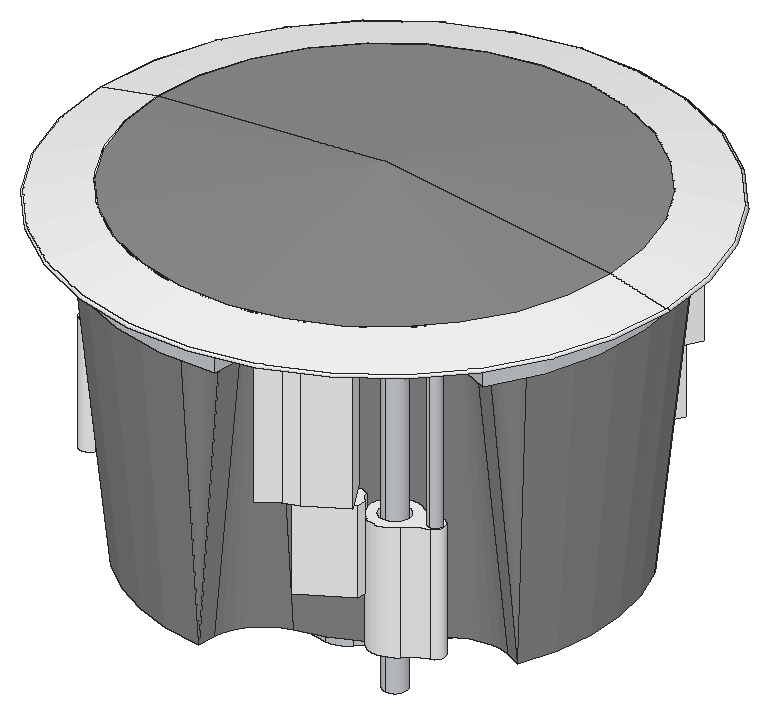
Revit family "FAP33T-W", category Communication Devices, Revit 2014
Parameters (values of type "Two Way, Full Range, Coaxial Ceiling Loudspeaker")
  Width = 8.78"
  Weight Product = 4.14
  Warranty = "5 Year"
  Vertical Symmetry = yes
  URL = "www.atlassound.com"
  Transformer Option = yes
  Specification by User (default) = "TBD"
  Speaker Type = "S1"
  Speaker Listening Height [instance] = 30.00"
  Speaker Height [instance] = 120.00"
  Speaker Dispersion = 135.00°
  Speaker Cone Visible [instance] = no
  Speaker Cone Height [instance] = (Speaker Height - Speaker Listening Height)  # 90.00"
  Sensitivity = 104
  ScheduleType |RF| = "AtlasIED Master"
  Safety Features = "1 Safety Hang Point"
  Safety Agency Ratings = "UL Listed to Comply with UL1480, UL2043 and CSA60065. Suitable for Use in Air Handling Spaces per NFPA 70 and NFPA 90."
  SPL Max = 104
  Regulatory Compliance = "UL Listed to Comply with UL1480, UL2043 and CSA60065. Suitable for Use in Air Handling Spaces per NFPA 70 and NFPA 90"
  Radius of Speaker Cone [instance] = (Speaker Cone Height) * tan(Speaker Dispersion / 2)  # 217.27922"
  Product Page URL = "https://www.atlasied.com/FAP33T-W"
  Product Documentation Link = "https://www.atlasied.com/f/3708/fap33t-w-datasheet.pdf"
  Power Rating (RMS) = "103 dB SPL / 108 dB SPL (peak 8Ω)"
  Operation Mode = "Non-Powered Passive"
  OmniClass Title = "SPEAKERS"
  OmniClass Number = "23-37 17 13 19"
  Mounting/Rigging Provisions = "Patented Safety First Mounting System"
  Mount Material = QF_Plastic-White-Smooth
  Model = "FAP33T-W"
  Max Input Ratings (8Ω) = "25W Continuous, 50W Program 12.5 Volts RMS, 21.2 Volts Peak"
  MaterFormat Title = "SPEAKERS"
  MasterFormat = "27 41 13"
  Market = "Commercial, Higher Education, Emergency"
  Manufacturer URL = "https://www.atlasied.com"
  Manufacturer Phone = "(800) 876 - 3333"
  Manufacturer Email = "support@atlasied.com"
  Manufacturer Address = "4545 E. Baseline Rd., Phoenix, AZ 85042"
  Manufacturer = "ATLAS SOUND"
  Input Connectors = "4-Position PHX Type Connector"
  Ingress Protection = "IP-21"
  Impedance = 6
  IQ Category = "SPEAKERS"
  Height = 5.39452"
  Grill Material = QF_Wall Paint-Gray
  Frequency Response  = "85Hz - 12kHz"
  Family Version [instance] = "2017-01"
  Family Code (default) = "LOUD SPEAKERS"
  Environmental Testing = "Humidity: MIL-STD-810G / High and Low Temperature: -20° and 70° C"
  Enclosure Material = none
  Dispersion Angle = 57.00°
  Description = "3\" FULL RANGE IN-CEILING LOUDSPEAKER WITH 16-WATT 70V/100V TRANSFORMER, PORTED ENCLOSURE, AND SAFETY FIRST MOUNTING SYSTEM"
  Depth = 8.78"
  Coverage Vertical = 0.00°
  Coverage Horizontal = 110.00°
  Cost MSRP = 101.99
  Cost = 101.99
  Controls = "Front Mounted Tap Selector Switch"
  Communication Ports = "4-Position PHX Type Connector"
  Color = none
  Body Material = QF_Wall Paint-Gray
  Baffle Material = none
  70V Taps = "16, 8, 4, 2 Watts & 6Ω"
  100V Taps = "16W, 8W, 4W & 6Ω"
Reference planes (in)
  plane 1 "Center (Front/Back)": y = 0
  plane 2: z = 0
  plane 3 "Center (Left/Right)": x = 0
  plane 4: x = 3.995
  plane 5: x = -3.995
  plane 6: z = 0.55153
  plane 7: x = 4.39
  plane 8: x = -4.39
  plane 9: y = 4.39
  plane 10: y = -4.39
  plane 11: x = 3.6
  plane 12: x = -3.6
  plane 13: z = -5.39
Forms (in)
  Revolve 1, solid, material "QF_Plastic-White-Smooth" <- "Mount Material"
    sketch origin (0, 0, 0) x (1, 0, 0) y (0, 0, 1)
      loop
        line (-4.39, 0) -> (0, 0) -> (0, 0.21227) -> (-3.50069, 0.21227)
        arc (-3.50069, 0.21227) -> (-3.9324, 0.12916) -> (-4.36241, 0.03769) r 22.63754
        arc (-4.36241, 0.03769) -> (-4.3833, 0.02404) -> (-4.39, 0) r 0.03543
      axis (0, 0.21227) -> (0, 0)
    angle from 0 to 360
  Revolve 2, solid, material "QF_Wall Paint-Gray" <- "Grill Material"
    sketch origin (0, 0, 0) x (1, 0, 0) y (0, 0, 1)
      loop
        line (0, 0.21227) -> (0, 0.55118)
        arc (0, 0.55118) -> (-1.75854, 0.46631) -> (-3.50069, 0.21227) r 18.23624
        line (-3.50069, 0.21227) -> (0, 0.21227)
      axis (0, 0.55118) -> (0, 0.21227)
    angle from 0 to 360
  Extrusion 3, solid
    sketch origin (0, 0, 0) x (0, 1, 0) y (1, 0, 0)
      loop
        line (3.85961, 0.24912) -> (3.08876, 0.36022)
        arc (3.08876, 0.36022) -> (2.9726, 0.417) -> (2.91148, 0.53094) r 0.21065
        arc (2.91148, 0.53094) -> (2.61305, 1.38922) -> (2.06819, 2.11642) r 2.9581
        arc (2.06819, 2.11642) -> (2.00847, 2.23123) -> (2.02687, 2.35933) r 0.21137
        line (2.02687, 2.35933) -> (2.38402, 3.09159)
        arc (2.38402, 3.09159) -> (0.139, 3.90156) -> (-2.15797, 3.25341) r 3.90404
        line (-2.15797, 3.25341) -> (-1.85139, 2.48796)
        arc (-1.85139, 2.48796) -> (-1.84334, 2.36263) -> (-1.91106, 2.25686) r 0.20156
        arc (-1.91106, 2.25686) -> (-2.50642, 1.56894) -> (-2.86457, 0.73264) r 2.9581
        arc (-2.86457, 0.73264) -> (-2.93212, 0.61929) -> (-3.05408, 0.56893) r 0.20915
        line (-3.05408, 0.56893) -> (-3.91357, 0.50814)
        arc (-3.91357, 0.50814) -> (-3.48348, -1.85479) -> (-1.76355, -3.53117) r 3.94779
        line (-1.76355, -3.53117) -> (-1.23145, -2.85434)
        arc (-1.23145, -2.85434) -> (-1.12237, -2.78437) -> (-0.99279, -2.78591) r 0.22577
        arc (-0.99279, -2.78591) -> (-0.10123, -2.9562) -> (0.8, -2.84814) r 2.9581
        arc (0.8, -2.84814) -> (0.93005, -2.85306) -> (1.03285, -2.93289) r 0.21251
        line (1.03285, -2.93289) -> (1.462, -3.56112)
        arc (1.462, -3.56112) -> (3.27801, -2.04437) -> (3.85961, 0.24912) r 3.83858
    from 0 to 0.48766
  Extrusion 4, solid
    sketch origin (0.00104, 0.00249, -4.76) x (0.833837, -0.552011, 0) y (-0.552011, -0.833837, 0)
      loop
        arc (0.26326, -1.77144) -> (0.86528, -1.79885) -> (1.31036, -1.39252) r 0.7874
        line (1.31036, -1.39252) -> (1.92869, -0.07289)
        arc (1.92869, -0.07289) -> (1.95575, 0.5288) -> (1.54963, 0.97359) r 0.7874
        line (1.54963, 0.97359) -> (0.89354, 1.28101) -> (0.40075, 0.22932)
        arc (0.40075, 0.22932) -> (0.18155, -0.05927) -> (0.10007, -0.41239) r 0.86345
        line (0.10007, -0.41239) -> (-0.05027, -0.73324)
        arc (-0.05027, -0.73324) -> (-0.16154, -0.83482) -> (-0.31205, -0.82797) r 0.19685
        line (-0.31205, -0.82797) -> (-0.40474, -0.78454) -> (-0.58014, -1.15887)
        arc (-0.58014, -1.15887) -> (-0.58699, -1.30938) -> (-0.48541, -1.42065) r 0.19685
        line (-0.48541, -1.42065) -> (0.26326, -1.77144)
    from 0 to 0.13
  Extrusion 5, solid
    sketch origin (0.00104, 0.00249, -4.89) x (0.552011, 0.833837, 0) y (0.833837, -0.552011, 0)
      loop
        arc (1.55031, 0.01928) -> (1.57211, 0.11421) -> (1.52381, 0.19878) r 0.13386
        line (1.52381, 0.19878) -> (1.31739, 1.59684) -> (1.44125, 1.61513) -> (1.39525, 1.92671) -> (1.27138, 1.90842) -> (1.25413, 2.02526)
        arc (1.25413, 2.02526) -> (1.20771, 2.10283) -> (1.12004, 2.12485) r 0.11811
        line (1.12004, 2.12485) -> (-0.97437, 1.81562)
        arc (-0.97437, 1.81562) -> (-1.13966, 1.75073) -> (-1.25963, 1.61981) r 0.3937
        arc (-1.25963, 1.61981) -> (-1.39893, 1.34152) -> (-1.50963, 1.05067) r 3.10039
        arc (-1.50963, 1.05067) -> (-1.53484, 0.86066) -> (-1.36217, 0.77745) r 0.16339
        arc (-1.36217, 0.77745) -> (-1.41682, 0.4909) -> (-1.44223, 0.2003) r 2.88386
        arc (-1.44223, 0.2003) -> (-1.403, 0.10799) -> (-1.30695, 0.07913) r 0.11811
        line (-1.30695, 0.07913) -> (-1.03143, 0.11981)
        arc (-1.03143, 0.11981) -> (-0.94376, 0.09778) -> (-0.89734, 0.02021) r 0.11811
        line (-0.89734, 0.02021) -> (-0.86513, -0.19789)
        arc (-0.86513, -0.19789) -> (-0.78776, -0.32717) -> (-0.64164, -0.36388) r 0.19685
        line (-0.64164, -0.36388) -> (-0.29111, -0.31213)
        arc (-0.29111, -0.31213) -> (0.04831, -0.18513) -> (0.40995, -0.20861) r 0.86345
        line (0.40995, -0.20861) -> (1.55891, -0.03897) -> (1.55031, 0.01928)
    from 0 to 0.13
  Extrusion 6, solid
    sketch origin (0.00104, 0.00249, -4.89) x (0.552011, 0.833837, 0) y (0.833837, -0.552011, 0)
      loop
        arc (0.20285, -1.15237) -> (0.40411, -1.05602) -> (0.52648, -0.86943) r 0.41535
        line (0.52648, -0.86943) -> (0.73805, -0.83212) -> (0.72438, -0.75458) -> (0.43755, -0.80516)
        arc (0.43755, -0.80516) -> (0.18508, -1.05156) -> (-0.13644, -0.90637) r 0.31299
        line (-0.13644, -0.90637) -> (-0.42327, -0.95694) -> (-0.4096, -1.03449) -> (-0.19802, -0.99718)
        arc (-0.19802, -0.99718) -> (-0.01922, -1.13067) -> (0.20285, -1.15237) r 0.41535
      loop
        line (0.71388, -0.59288) -> (0.70707, -0.5541) -> (-0.4756, -0.76193) -> (-0.46878, -0.8007) -> (0.71388, -0.59288)
    from 0 to 0.50452
  SweptBlend 7, solid, material "QF_Wall Paint-Gray" <- "Body Material"
    path origin (0, 0, 0) x (1, 0, 0) y (0, 0, 1)
      loop
        line (0, -0.48766) -> (0, -4.76)
    profile origin (0, 0, -0.48766) x (0, -1, 0) y (1, 0, 0)
      loop
        arc (-1.86003, 2.12403) -> (-2.49452, 1.32293) -> (-2.80215, 0.3484) r 2.82233
        arc (-2.80215, 0.3484) -> (-2.89046, 0.1352) -> (-3.10366, 0.04689) r 0.30151
        line (-3.10366, 0.04689) -> (-3.54376, -0.01496)
        arc (-3.54376, -0.01496) -> (-3.71831, -0.15368) -> (-3.7701, -0.37055) r 0.34159
        arc (-3.7701, -0.37055) -> (-3.21286, -2.00663) -> (-1.98664, -3.22468) r 3.78689
        arc (-1.98664, -3.22468) -> (-1.74171, -3.26703) -> (-1.53517, -3.12872) r 0.33454
        line (-1.53517, -3.12872) -> (-1.31729, -2.8103)
        arc (-1.31729, -2.8103) -> (-1.13806, -2.67161) -> (-0.91144, -2.67146) r 0.35074
        arc (-0.91144, -2.67146) -> (0.0971, -2.82048) -> (1.09279, -2.60147) r 2.82233
        arc (1.09279, -2.60147) -> (1.31937, -2.5852) -> (1.50924, -2.7099) r 0.35421
        line (1.50924, -2.7099) -> (1.74553, -3.01235)
        arc (1.74553, -3.01235) -> (1.96148, -3.13751) -> (2.20397, -3.07834) r 0.33453
        arc (2.20397, -3.07834) -> (3.34223, -1.77772) -> (3.78399, -0.10675) r 3.78689
        arc (3.78399, -0.10675) -> (3.69745, 0.12736) -> (3.47293, 0.23641) r 0.33453
        line (3.47293, 0.23641) -> (3.09005, 0.26318)
        arc (3.09005, 0.26318) -> (2.88049, 0.35085) -> (2.76729, 0.54779) r 0.35421
        arc (2.76729, 0.54779) -> (2.39207, 1.49573) -> (1.70456, 2.24851) r 2.82233
        arc (1.70456, 2.24851) -> (1.5765, 2.43904) -> (1.59214, 2.66807) r 0.35426
        line (1.59214, 2.66807) -> (1.73402, 3.01924)
        arc (1.73402, 3.01924) -> (1.73444, 3.26884) -> (1.56195, 3.44925) r 0.33453
        arc (1.56195, 3.44925) -> (-0.13355, 3.78471) -> (-1.80153, 3.3318) r 3.78689
        arc (-1.80153, 3.3318) -> (-1.96067, 3.14085) -> (-1.94416, 2.89283) r 0.33454
        line (-1.94416, 2.89283) -> (-1.77734, 2.54493)
        arc (-1.77734, 2.54493) -> (-1.74684, 2.32037) -> (-1.86003, 2.12403) r 0.35074
    end profile origin (0, 0, -4.76) x (0, -1, 0) y (1, 0, 0)
      loop
        arc (-3.3096, -0.43648) -> (-2.83104, -1.76848) -> (-1.8434, -2.7823) r 3.33689
        line (-1.8434, -2.7823) -> (-1.69037, -2.55867)
        arc (-1.69037, -2.55867) -> (-1.28156, -2.2451) -> (-0.76634, -2.24549) r 0.80074
        arc (-0.76634, -2.24549) -> (0.0814, -2.37076) -> (0.91833, -2.18666) r 2.37233
        arc (0.91833, -2.18666) -> (1.43276, -2.14972) -> (1.86384, -2.43286) r 0.80421
        line (1.86384, -2.43286) -> (2.03082, -2.64657)
        arc (2.03082, -2.64657) -> (2.94491, -1.56645) -> (3.32921, -0.20464) r 3.33689
        line (3.32921, -0.20464) -> (3.05866, -0.18572)
        arc (3.05866, -0.18572) -> (2.58287, 0.01333) -> (2.32584, 0.46047) r 0.80421
        arc (2.32584, 0.46047) -> (2.01045, 1.25726) -> (1.43256, 1.89002) r 2.37233
        arc (1.43256, 1.89002) -> (1.14233, 2.32072) -> (1.17586, 2.839) r 0.80426
        line (1.17586, 2.839) -> (1.27461, 3.08341)
        arc (1.27461, 3.08341) -> (-0.11823, 3.33497) -> (-1.49004, 2.98655) r 3.33689
        line (-1.49004, 2.98655) -> (-1.37288, 2.74222)
        arc (-1.37288, 2.74222) -> (-1.30573, 2.23139) -> (-1.56368, 1.78539) r 0.80074
        arc (-1.56368, 1.78539) -> (-2.0922, 1.12105) -> (-2.35297, 0.31317) r 2.37233
        arc (-2.35297, 0.31317) -> (-2.57111, -0.18185) -> (-3.06518, -0.40212) r 0.75151
        line (-3.06518, -0.40212) -> (-3.3096, -0.43648)
  Extrusion 8, solid, material "QF_Plastic-White-Smooth"
    sketch origin (0, 0, 0) x (0, 1, 0) y (1, 0, 0)
      loop
        line (2.72516, 2.75657) -> (2.24545, 2.50151) -> (2.40623, 2.19912) -> (2.49628, 1.97946) -> (2.81098, 1.38759) -> (3.35179, 1.62838) -> (3.0177, 2.2567) -> (2.88595, 2.45418) -> (2.72516, 2.75657)
      loop
        line (-3.74765, 0.98075) -> (-3.2869, 0.69284) -> (-3.10541, 0.98328) -> (-2.9602, 1.17109) -> (-2.62528, 1.70708) -> (-3.12686, 2.0188) -> (-3.46102, 1.48403) -> (-3.56616, 1.27119) -> (-3.74765, 0.98075)
      loop
        line (0.70336, -3.18203) -> (0.4681, -3.15018) -> (-0.16354, -3.12812) -> (-0.18271, -3.71836) -> (0.44749, -3.74037) -> (0.6844, -3.72501) -> (1.02667, -3.73696) -> (1.04563, -3.19398) -> (0.70336, -3.18203)
    from 0 to 2.17563
  Extrusion 9, solid, material "QF_Plastic-White-Smooth"
    sketch origin (0, 0, 0) x (0, 1, 0) y (1, 0, 0)
      loop
        arc (-0.97109, -3.24058) -> (-1.08131, -3.37831) -> (-1.22729, -3.47733) r 0.59055
        arc (-1.22729, -3.47733) -> (-1.30368, -3.66455) -> (-1.12468, -3.7586) r 0.15039
        arc (-1.12468, -3.7586) -> (-0.94923, -3.74036) -> (-0.77621, -3.77476) r 0.59055
        arc (-0.77621, -3.77476) -> (-0.30247, -3.2993) -> (-0.97109, -3.24058) r 0.37047
      loop
        circle (-0.65051, -3.42627) r 0.22047
      loop
        arc (3.297, 0.77829) -> (3.47159, 0.75303) -> (3.63092, 0.67734) r 0.59055
        arc (3.63092, 0.67734) -> (3.83103, 0.70633) -> (3.82143, 0.9083) r 0.15039
        arc (3.82143, 0.9083) -> (3.71682, 1.05033) -> (3.65883, 1.21693) r 0.59055
        arc (3.65883, 1.21693) -> (3.0089, 1.38449) -> (3.297, 0.77829) r 0.37047
      loop
        circle (3.29468, 1.14875) r 0.22047
      loop
        arc (-2.32977, 2.48039) -> (-2.38311, 2.63349) -> (-2.39665, 2.79505) r 0.64602
        arc (-2.39665, 2.79505) -> (-2.51741, 2.96225) -> (-2.69151, 2.85168) r 0.15039
        arc (-2.69151, 2.85168) -> (-2.76348, 2.69231) -> (-2.87895, 2.56099) r 0.59079
        arc (-2.87895, 2.56099) -> (-2.69379, 1.91134) -> (-2.32977, 2.48039) r 0.37047
      loop
        circle (-2.63999, 2.27788) r 0.22047
    from 2.36611 to 4.15354
  Extrusion 10, solid
    sketch origin (0, 0, 0) x (0, 1, 0) y (1, 0, 0)
      loop
        circle (-0.65051, -3.42627) r 0.17
      loop
        circle (3.29468, 1.14875) r 0.17
      loop
        circle (-2.63999, 2.27788) r 0.17
    from 0 to 4.76
  Extrusion 11, solid, material "QF_Plastic-White-Smooth"
    sketch origin (0, 0, -2.17563) x (-1, 0, 0) y (0, 1, 0)
      loop
        line (-2.13643, 2.5372) -> (-1.42953, 2.91307) -> (-1.41438, 3.03644)
        arc (-1.41438, 3.03644) -> (-1.47586, 3.12076) -> (-1.51139, 3.21888) r 0.37047
        line (-1.51139, 3.21888) -> (-1.62083, 3.27465) -> (-2.32866, 2.89874) -> (-2.13643, 2.5372)
      loop
        line (-2.18567, 2.85482) -> (-2.09325, 2.68101) -> (-1.91944, 2.77343) -> (-2.01186, 2.94724) -> (-2.18567, 2.85482)
      loop
        line (-1.86383, 2.803) -> (-1.65525, 2.9139) -> (-1.74767, 3.08771) -> (-1.95624, 2.97681) -> (-1.86383, 2.803)
      loop
        line (-1.37849, -3.31806) -> (-1.27417, -3.15112) -> (-1.44111, -3.0468) -> (-1.54543, -3.21374) -> (-1.37849, -3.31806)
      loop
        line (-1.49453, -3.01342) -> (-1.69486, -2.88825) -> (-1.79917, -3.05519) -> (-1.59885, -3.18036) -> (-1.49453, -3.01342)
      loop
        line (3.36706, 0.47429) -> (3.36019, 0.27756) -> (3.55692, 0.27069) -> (3.56379, 0.46742) -> (3.36706, 0.47429)
      loop
        line (3.35799, 0.2146) -> (3.34975, -0.02147) -> (3.54648, -0.02834) -> (3.55472, 0.20773) -> (3.35799, 0.2146)
      loop
        line (3.26524, 0.58355) -> (3.23564, -0.21615) -> (3.33543, -0.29135)
        arc (3.33543, -0.29135) -> (3.4392, -0.28026) -> (3.54194, -0.29856) r 0.37047
        line (3.54194, -0.29856) -> (3.64535, -0.2314) -> (3.67331, 0.5693) -> (3.26524, 0.58355)
      loop
        line (-1.12804, -3.11661) -> (-1.80701, -2.69234) -> (-1.92142, -2.74091)
        arc (-1.92142, -2.74091) -> (-1.9637, -2.83632) -> (-2.03092, -2.91614) r 0.37047
        line (-2.03092, -2.91614) -> (-2.02446, -3.03928) -> (-1.34502, -3.46384) -> (-1.12804, -3.11661)
    from 0 to 1.26922
  Extrusion 12, solid
    sketch origin (0, 0, 0) x (0, 1, 0) y (1, 0, 0)
      loop
        circle (3.71235, 0.79882) r 0.10119
      loop
        circle (-1.16239, -3.61301) r 0.10119
      loop
        circle (-2.54577, 2.81456) r 0.10119
    from 0 to 4
  Blend 13, solid, material "Glass", visible <- "Speaker Cone Visible"
    base sketch origin (0, 0, 0) x (1, 0, 0) y (0, 1, 0)
      loop
        circle (0, 0.09521) r 217.27922
    top sketch origin (0, 0, 0) x (1, 0, 0) y (0, 1, 0)
      loop
        circle (0, 0.09521) r 0.13513
    from 90 <- "Speaker Cone Height" to 0
Lines and regions (in)
  symbolic lines
    curve 1: circle (0, 0, 0) r 4.39 normal (0, 0, 1)
    curve 2: circle (0, 0, 0) r 3.50069 normal (0, 0, 1)
  symbolic lines, style "Sound Projection Average", visible <- "Speaker Cone Visible"
    curve 3: circle (0, 0.09521, 0) r 217.27922 normal (0, 0, 1)
Dimensions and locks (in)
  plane 6 to plane 2 = 0.55153"
  "Height": plane 2 to Extrusion 6
  "Depth": plane 9 to plane 10
  "Width": plane 8 to plane 7
  "Radius of Speaker Cone": radius of Blend 13 sketch curve
  aligned and locked: plane 2 to level
Automatic sketch dimensions
  Revolve 1 sketch curve to level = 0.00"
  plane 8 to Revolve 1 sketch curve = 0.00"
  Revolve 1 sketch curve to plane 3 "Center (Left/Right)" = 0.00"  (x2)
  level to Revolve 1 sketch curve = 0.00311"
  Revolve 1 sketch curve to plane 8 = 0.0353"
  Revolve 1 sketch curve to plane 12 = 0.09931"
  plane 3 "Center (Left/Right)" to Revolve 1 sketch curve = 0.56235"
  Revolve 1 sketch curve to plane 13 = 16.66766"
  level to Revolve 1 sketch curve = 0.21227"
  Revolve 1 sketch curve to plane 6 = 2.31042"
  Revolve 1 sketch curve to Revolve 1 sketch curve = 0.25"
  Revolve 2 sketch curve to plane 3 "Center (Left/Right)" = 0.00"  (x2)
  Revolve 2 sketch curve to plane 3 "Center (Left/Right)" = 0.00124"
  Revolve 2 sketch curve to plane 12 = 0.09931"
  Revolve 2 sketch curve to plane 13 = 12.29506"
  level to Revolve 2 sketch curve = 0.21227"
  Revolve 2 sketch curve to plane 6 = 2.31042"
  Revolve 2 sketch curve to Revolve 2 sketch curve = 0.25"
  Extrusion 3 sketch curve to Extrusion 3 sketch curve = 0.00"  (x13)
  Extrusion 3 sketch curve to Revolve 1 = 1.06014"
  Extrusion 3 sketch curve to Extrusion 3 sketch curve = 0.17131"
  Extrusion 3 sketch curve to Extrusion 3 sketch curve = 0.5321"
  Extrusion 3 sketch curve to Revolve 1 = 1.85139"
  Extrusion 3 sketch curve to Extrusion 3 sketch curve = 0.18711"
  Extrusion 3 sketch curve to Extrusion 3 sketch curve = 0.30658"
  Extrusion 3 sketch curve to Extrusion 3 sketch curve = 1.01559"
  Extrusion 3 sketch curve to Extrusion 3 sketch curve = 0.01476"
  Extrusion 3 sketch curve to Extrusion 3 sketch curve = 0.85949"
  Revolve 1 to Extrusion 3 sketch curve = 0.00139"
  Extrusion 3 sketch curve to Extrusion 3 sketch curve = 0.02773"
  Revolve 1 to Extrusion 3 sketch curve = 0.85737"
  Extrusion 3 sketch curve to Extrusion 3 sketch curve = 0.17548"
  Extrusion 3 sketch curve to Extrusion 3 sketch curve = 0.42915"
  Revolve 1 to Extrusion 3 sketch curve = 2.02687"
  Extrusion 3 sketch curve to Extrusion 3 sketch curve = 0.18998"
  Extrusion 3 sketch curve to Extrusion 3 sketch curve = 0.35715"
  Extrusion 3 sketch curve to Extrusion 3 sketch curve = 0.90186"
  Extrusion 3 sketch curve to Extrusion 3 sketch curve = 0.7409"
  Extrusion 3 sketch curve to Extrusion 3 sketch curve = 0.76545"
  Extrusion 3 sketch curve to Extrusion 3 sketch curve = 0.07494"
  Extrusion 3 sketch curve to Extrusion 3 sketch curve = 0.73226"
  Extrusion 3 sketch curve to Extrusion 3 sketch curve = 0.09266"
  Extrusion 3 sketch curve to Extrusion 3 sketch curve = 1.63546"
  Extrusion 3 sketch curve to Extrusion 3 sketch curve = 0.20862"
  Extrusion 3 sketch curve to Extrusion 3 sketch curve = 1.69794"
  Extrusion 3 sketch curve to Extrusion 3 sketch curve = 0.06079"
  Extrusion 3 sketch curve to Extrusion 3 sketch curve = 0.31961"
  Extrusion 3 sketch curve to Extrusion 3 sketch curve = 0.00012"  (x2)
  Extrusion 3 sketch curve to Extrusion 3 sketch curve = 0.67683"
  Extrusion 3 sketch curve to Extrusion 3 sketch curve = 0.62823"
  Extrusion 3 sketch curve to Extrusion 3 sketch curve = 0.14706"
  Extrusion 3 sketch curve to Extrusion 3 sketch curve = 0.11987"
  Extrusion 3 sketch curve to Extrusion 3 sketch curve = 0.06735"
  Extrusion 3 sketch curve to Extrusion 3 sketch curve = 0.12743"
  Extrusion 3 sketch curve to Extrusion 3 sketch curve = 0.14866"
  Extrusion 3 sketch curve to Extrusion 3 sketch curve = 0.03"
  Extrusion 3 sketch curve to Extrusion 3 sketch curve = 0.00005"
  Extrusion 3 sketch curve to Extrusion 3 sketch curve = 0.00038"
  Extrusion 4 sketch curve to SweptBlend 7 = 0.03862"
  Extrusion 4 sketch curve to SweptBlend 7 = 0.3065"
  Extrusion 4 sketch curve to Extrusion 4 sketch curve = 0.09473"
  Extrusion 4 sketch curve to Extrusion 4 sketch curve = 0.1754"
  Extrusion 4 sketch curve to Extrusion 4 sketch curve = 0.08352"  (x3)
  Extrusion 4 sketch curve to Extrusion 4 sketch curve = 0.09269"
  Extrusion 4 sketch curve to Extrusion 4 sketch curve = 0.32859"
  Extrusion 4 sketch curve to Extrusion 4 sketch curve = 0.30068"
  Extrusion 4 sketch curve to Extrusion 4 sketch curve = 0.49728"
  Extrusion 4 sketch curve to Extrusion 4 sketch curve = 0.49279"
  Extrusion 4 sketch curve to Extrusion 4 sketch curve = 0.36608"
  Extrusion 4 sketch curve to Extrusion 4 sketch curve = 0.25199"
  Extrusion 4 sketch curve to Extrusion 4 sketch curve = 0.71301"
  Extrusion 4 sketch curve to Extrusion 4 sketch curve = 0.6561"
  Extrusion 4 sketch curve to Extrusion 4 sketch curve = 0.71327"
  Extrusion 4 sketch curve to Extrusion 4 sketch curve = 0.10044"
  Extrusion 4 sketch curve to Extrusion 4 sketch curve = 0.3309"
  Extrusion 4 sketch curve to Extrusion 4 sketch curve = 0.04343"
  Extrusion 4 sketch curve to Extrusion 4 sketch curve = 0.17825"  (x2)
  Extrusion 4 sketch curve to Extrusion 4 sketch curve = 0.63281"
  Extrusion 4 sketch curve to Extrusion 4 sketch curve = 0.23733"
  Extrusion 4 sketch curve to Extrusion 4 sketch curve = 0.35273"
  Extrusion 4 sketch curve to Extrusion 4 sketch curve = 0.68626"
  Extrusion 4 sketch curve to Extrusion 4 sketch curve = 0.30742"
  Extrusion 4 sketch curve to Extrusion 4 sketch curve = 0.33409"  (x2)
  Extrusion 4 sketch curve to Extrusion 4 sketch curve = 0.00"  (x4)
  Extrusion 5 sketch curve to Extrusion 5 sketch curve = 0.00"  (x16)
  Extrusion 5 sketch curve to Extrusion 4 = 0.0062"
  Extrusion 5 sketch curve to Extrusion 4 = 0.11862"
  Extrusion 5 sketch curve to Extrusion 5 sketch curve = 0.06685"
  Extrusion 5 sketch curve to Extrusion 5 sketch curve = 0.01725"  (x4)
  Extrusion 5 sketch curve to Extrusion 5 sketch curve = 0.27552"
  Extrusion 5 sketch curve to Extrusion 5 sketch curve = 0.4742"
  Extrusion 5 sketch curve to Extrusion 5 sketch curve = 0.11684"  (x3)
  Extrusion 5 sketch curve to Extrusion 5 sketch curve = 0.0322"
  Extrusion 5 sketch curve to Extrusion 5 sketch curve = 0.19474"
  Extrusion 5 sketch curve to Extrusion 5 sketch curve = 0.37928"
  Extrusion 5 sketch curve to Extrusion 5 sketch curve = 0.46554"
  Extrusion 5 sketch curve to Extrusion 5 sketch curve = 0.70106"
  Extrusion 5 sketch curve to Extrusion 5 sketch curve = 2.05415"
  Extrusion 5 sketch curve to Extrusion 5 sketch curve = 0.1341"
  Extrusion 5 sketch curve to Extrusion 5 sketch curve = 0.046"
  Extrusion 5 sketch curve to Extrusion 5 sketch curve = 0.12386"  (x2)
  Extrusion 5 sketch curve to Extrusion 5 sketch curve = 1.02974"
  Extrusion 5 sketch curve to Extrusion 5 sketch curve = 0.08412"
  Extrusion 5 sketch curve to Extrusion 5 sketch curve = 0.11062"
  Extrusion 5 sketch curve to Extrusion 5 sketch curve = 0.0086"
  Extrusion 5 sketch curve to Extrusion 5 sketch curve = 0.48788"
  Extrusion 5 sketch curve to Extrusion 5 sketch curve = 0.1707"
  Extrusion 5 sketch curve to Extrusion 5 sketch curve = 0.01829"  (x2)
  Extrusion 5 sketch curve to Extrusion 5 sketch curve = 0.31158"
  Extrusion 5 sketch curve to Extrusion 5 sketch curve = 0.09959"  (x2)
  Extrusion 5 sketch curve to Extrusion 5 sketch curve = 1.39806"
  Extrusion 5 sketch curve to Extrusion 5 sketch curve = 0.74229"
  Extrusion 5 sketch curve to Extrusion 5 sketch curve = 0.07616"
  Extrusion 5 sketch curve to Extrusion 5 sketch curve = 0.10413"
  Extrusion 5 sketch curve to Extrusion 5 sketch curve = 0.05825"
  Extrusion 5 sketch curve to Extrusion 5 sketch curve = 0.18935"
  Extrusion 5 sketch curve to Extrusion 5 sketch curve = 0.02875"  (x2)
  Extrusion 5 sketch curve to Extrusion 5 sketch curve = 0.30327"
  Extrusion 5 sketch curve to Extrusion 5 sketch curve = 0.14298"
  Extrusion 5 sketch curve to Extrusion 5 sketch curve = 0.11857"
  Extrusion 5 sketch curve to Extrusion 5 sketch curve = 0.02888"
  Extrusion 5 sketch curve to Extrusion 5 sketch curve = 0.28526"
  Extrusion 6 sketch curve to Extrusion 6 sketch curve = 0.00"  (x6)
  Extrusion 6 sketch curve to Extrusion 4 = 0.98953"
  Extrusion 6 sketch curve to Extrusion 4 = 0.85812"
  Extrusion 6 sketch curve to Extrusion 6 sketch curve = 0.00681"  (x2)
  Extrusion 6 sketch curve to Extrusion 6 sketch curve = 0.04551"
  Extrusion 6 sketch curve to Extrusion 6 sketch curve = 0.01367"  (x2)
  Extrusion 6 sketch curve to Extrusion 6 sketch curve = 0.21158"
  Extrusion 6 sketch curve to Extrusion 6 sketch curve = 0.06158"
  Extrusion 6 sketch curve to Extrusion 6 sketch curve = 0.26717"
  Extrusion 6 sketch curve to Extrusion 6 sketch curve = 0.30682"
  Extrusion 6 sketch curve to Extrusion 6 sketch curve = 0.08892"
  Extrusion 6 sketch curve to Extrusion 6 sketch curve = 0.1806"
  Extrusion 6 sketch curve to Extrusion 6 sketch curve = 0.01049"
  Extrusion 6 sketch curve to Extrusion 6 sketch curve = 0.00735"
  Extrusion 6 sketch curve to Extrusion 6 sketch curve = 0.01126"
  Extrusion 6 sketch curve to Extrusion 6 sketch curve = 0.1617"
  Extrusion 6 sketch curve to Extrusion 6 sketch curve = 0.05058"
  Extrusion 6 sketch curve to Extrusion 6 sketch curve = 0.07754"
  Extrusion 6 sketch curve to Extrusion 6 sketch curve = 0.06428"
  Extrusion 6 sketch curve to Extrusion 6 sketch curve = 0.15624"
  Extrusion 6 sketch curve to Extrusion 6 sketch curve = 0.07213"
  SweptBlend 7 sketch curve to plane 3 "Center (Left/Right)" = 0.00"
  plane 13 to SweptBlend 7 sketch curve = 0.63"
  SweptBlend 7 sketch curve to level = 0.48766"
  SweptBlend 7 sketch curve to SweptBlend 7 sketch curve = 0.00"  (x67)
  profile plane to SweptBlend 7 sketch curve = 0.01496"
  SweptBlend 7 sketch curve to profile plane = 3.54376"
  SweptBlend 7 sketch curve to SweptBlend 7 sketch curve = 0.11361"
  SweptBlend 7 sketch curve to profile plane = 0.3484"  (x2)
  SweptBlend 7 sketch curve to SweptBlend 7 sketch curve = 0.4401"
  SweptBlend 7 sketch curve to profile plane = 2.09101"  (x2)
  SweptBlend 7 sketch curve to SweptBlend 7 sketch curve = 0.14685"
  SweptBlend 7 sketch curve to profile plane = 1.81126"
  SweptBlend 7 sketch curve to SweptBlend 7 sketch curve = 0.31366"
  SweptBlend 7 sketch curve to SweptBlend 7 sketch curve = 0.30165"
  SweptBlend 7 sketch curve to SweptBlend 7 sketch curve = 0.27609"
  SweptBlend 7 sketch curve to SweptBlend 7 sketch curve = 0.21788"
  SweptBlend 7 sketch curve to SweptBlend 7 sketch curve = 0.29276"
  SweptBlend 7 sketch curve to profile plane = 0.00012"  (x2)
  SweptBlend 7 sketch curve to profile plane = 0.00139"  (x2)
  profile plane to SweptBlend 7 sketch curve = 1.23012"  (x2)
  profile plane to SweptBlend 7 sketch curve = 1.42385"
  SweptBlend 7 sketch curve to SweptBlend 7 sketch curve = 0.27912"
  SweptBlend 7 sketch curve to SweptBlend 7 sketch curve = 0.16829"
  SweptBlend 7 sketch curve to SweptBlend 7 sketch curve = 0.31017"
  SweptBlend 7 sketch curve to SweptBlend 7 sketch curve = 0.2363"
  SweptBlend 7 sketch curve to SweptBlend 7 sketch curve = 0.32655"
  SweptBlend 7 sketch curve to SweptBlend 7 sketch curve = 0.26361"
  SweptBlend 7 sketch curve to profile plane = 0.26318"
  SweptBlend 7 sketch curve to SweptBlend 7 sketch curve = 1.17137"
  SweptBlend 7 sketch curve to SweptBlend 7 sketch curve = 0.02471"
  profile plane to SweptBlend 7 sketch curve = 0.09731"
  SweptBlend 7 sketch curve to SweptBlend 7 sketch curve = 0.35954"
  SweptBlend 7 sketch curve to profile plane = 0.23641"
  SweptBlend 7 sketch curve to SweptBlend 7 sketch curve = 0.02334"
  profile plane to SweptBlend 7 sketch curve = 0.33711"
  profile plane to SweptBlend 7 sketch curve = 2.7099"
  SweptBlend 7 sketch curve to SweptBlend 7 sketch curve = 0.09649"
  profile plane to SweptBlend 7 sketch curve = 2.8103"
  SweptBlend 7 sketch curve to SweptBlend 7 sketch curve = 0.21807"
  SweptBlend 7 sketch curve to SweptBlend 7 sketch curve = 0.1295"
  SweptBlend 7 sketch curve to SweptBlend 7 sketch curve = 0.19316"
  SweptBlend 7 sketch curve to SweptBlend 7 sketch curve = 0.20596"
  SweptBlend 7 sketch curve to SweptBlend 7 sketch curve = 0.18892"
  SweptBlend 7 sketch curve to profile plane = 0.04689"
  SweptBlend 7 sketch curve to SweptBlend 7 sketch curve = 0.35335"
  SweptBlend 7 sketch curve to SweptBlend 7 sketch curve = 2.03958"  (x2)
  SweptBlend 7 sketch curve to SweptBlend 7 sketch curve = 1.98294"
  SweptBlend 7 sketch curve to SweptBlend 7 sketch curve = 0.15695"
  SweptBlend 7 sketch curve to SweptBlend 7 sketch curve = 0.13734"
  SweptBlend 7 sketch curve to SweptBlend 7 sketch curve = 0.3479"
  SweptBlend 7 sketch curve to SweptBlend 7 sketch curve = 0.35117"
  SweptBlend 7 sketch curve to SweptBlend 7 sketch curve = 0.14464"
  SweptBlend 7 sketch curve to SweptBlend 7 sketch curve = 0.12532"
  profile plane to SweptBlend 7 sketch curve = 0.43648"
  SweptBlend 7 sketch curve to profile plane = 3.3096"
  SweptBlend 7 sketch curve to SweptBlend 7 sketch curve = 0.20594"
  profile plane to SweptBlend 7 sketch curve = 0.40212"
  SweptBlend 7 sketch curve to SweptBlend 7 sketch curve = 0.24442"
  SweptBlend 7 sketch curve to profile plane = 1.8434"
  SweptBlend 7 sketch curve to SweptBlend 7 sketch curve = 0.15302"
  SweptBlend 7 sketch curve to SweptBlend 7 sketch curve = 0.60097"
  SweptBlend 7 sketch curve to SweptBlend 7 sketch curve = 0.11716"
  SweptBlend 7 sketch curve to SweptBlend 7 sketch curve = 0.66584"
  profile plane to SweptBlend 7 sketch curve = 1.17586"
  SweptBlend 7 sketch curve to SweptBlend 7 sketch curve = 0.09875"
  SweptBlend 7 sketch curve to SweptBlend 7 sketch curve = 0.63373"
  SweptBlend 7 sketch curve to SweptBlend 7 sketch curve = 0.74283"
  SweptBlend 7 sketch curve to SweptBlend 7 sketch curve = 0.16697"
  profile plane to SweptBlend 7 sketch curve = 0.18572"
  SweptBlend 7 sketch curve to SweptBlend 7 sketch curve = 1.19482"
  SweptBlend 7 sketch curve to SweptBlend 7 sketch curve = 0.0561"
  profile plane to SweptBlend 7 sketch curve = 0.20464"
  SweptBlend 7 sketch curve to SweptBlend 7 sketch curve = 0.27055"
  SweptBlend 7 sketch curve to SweptBlend 7 sketch curve = 0.28141"
  SweptBlend 7 sketch curve to SweptBlend 7 sketch curve = 0.22117"
  SweptBlend 7 sketch curve to SweptBlend 7 sketch curve = 0.22363"
  SweptBlend 7 sketch curve to SweptBlend 7 sketch curve = 0.21372"
  SweptBlend 7 sketch curve to profile plane = 0.61653"
  SweptBlend 7 sketch curve to SweptBlend 7 sketch curve = 2.07026"
  SweptBlend 7 sketch curve to SweptBlend 7 sketch curve = 0.35424"
  SweptBlend 7 sketch curve to SweptBlend 7 sketch curve = 0.30827"
  SweptBlend 7 sketch curve to SweptBlend 7 sketch curve = 0.24434"
  SweptBlend 7 sketch curve to profile plane = 0.31317"
  Extrusion 8 sketch curve to Revolve 1 = 3.74765"
  Extrusion 8 sketch curve to Extrusion 8 sketch curve = 0.18149"  (x2)
  Extrusion 8 sketch curve to Extrusion 8 sketch curve = 0.10515"
  Extrusion 8 sketch curve to Extrusion 8 sketch curve = 0.46075"
  Extrusion 8 sketch curve to Extrusion 8 sketch curve = 0.33416"
  Extrusion 8 sketch curve to Extrusion 8 sketch curve = 0.14521"
  Extrusion 8 sketch curve to Extrusion 8 sketch curve = 0.50158"
  Extrusion 8 sketch curve to Revolve 1 = 0.18271"
  Extrusion 8 sketch curve to Revolve 1 = 0.16354"
  Revolve 1 to Extrusion 8 sketch curve = 0.44749"
  Revolve 1 to Extrusion 8 sketch curve = 0.4681"
  Extrusion 8 sketch curve to Extrusion 8 sketch curve = 0.2369"
  Extrusion 8 sketch curve to Extrusion 8 sketch curve = 0.23525"
  Extrusion 8 sketch curve to Extrusion 8 sketch curve = 0.34227"  (x2)
  Revolve 1 to Extrusion 8 sketch curve = 2.24545"
  Extrusion 8 sketch curve to Extrusion 8 sketch curve = 0.16078"  (x2)
  Extrusion 8 sketch curve to Extrusion 8 sketch curve = 0.09004"
  Extrusion 8 sketch curve to Extrusion 8 sketch curve = 0.47971"
  Extrusion 8 sketch curve to Extrusion 8 sketch curve = 0.3147"
  Extrusion 8 sketch curve to Extrusion 8 sketch curve = 0.13176"
  Extrusion 8 sketch curve to Extrusion 8 sketch curve = 0.54081"
  Extrusion 8 sketch curve to Extrusion 8 sketch curve = 0.25507"
  Extrusion 8 sketch curve to Extrusion 8 sketch curve = 0.30239"  (x2)
  Extrusion 8 sketch curve to Extrusion 8 sketch curve = 0.19748"
  Extrusion 8 sketch curve to Extrusion 8 sketch curve = 0.48271"
  Extrusion 8 sketch curve to Extrusion 8 sketch curve = 0.21966"
  Extrusion 8 sketch curve to Extrusion 8 sketch curve = 0.31172"
  Extrusion 8 sketch curve to Extrusion 8 sketch curve = 0.62833"
  Extrusion 8 sketch curve to Extrusion 8 sketch curve = 0.53477"
  Extrusion 8 sketch curve to Extrusion 8 sketch curve = 0.24079"
  Extrusion 8 sketch curve to Extrusion 8 sketch curve = 0.21284"
  Extrusion 8 sketch curve to Extrusion 8 sketch curve = 0.31294"
  Extrusion 8 sketch curve to Extrusion 8 sketch curve = 0.18781"
  Extrusion 8 sketch curve to Extrusion 8 sketch curve = 0.29044"  (x2)
  Extrusion 8 sketch curve to Extrusion 8 sketch curve = 3.82096"
  Extrusion 8 sketch curve to Extrusion 8 sketch curve = 0.02206"
  Extrusion 8 sketch curve to Extrusion 8 sketch curve = 0.03185"
  Extrusion 8 sketch curve to Extrusion 8 sketch curve = 0.01195"  (x2)
  Extrusion 8 sketch curve to Extrusion 8 sketch curve = 0.59024"
  Extrusion 8 sketch curve to Extrusion 8 sketch curve = 0.54298"
  Extrusion 8 sketch curve to Extrusion 8 sketch curve = 0.01536"
  Extrusion 9 sketch curve to Extrusion 9 sketch curve = 0.00"  (x13)
  Extrusion 9 sketch curve to Revolve 1 = 3.26"
  Extrusion 9 sketch curve to Extrusion 9 sketch curve = 0.62001"
  Extrusion 9 sketch curve to Extrusion 9 sketch curve = 0.09422"
  Extrusion 9 sketch curve to Extrusion 9 sketch curve = 0.79456"
  Extrusion 9 sketch curve to Revolve 1 = 1.48211"
  Extrusion 9 sketch curve to Extrusion 9 sketch curve = 0.31971"
  Extrusion 9 sketch curve to Extrusion 9 sketch curve = 0.1858"
  Extrusion 9 sketch curve to Extrusion 9 sketch curve = 0.51188"
  Revolve 1 to Extrusion 9 sketch curve = 3.29468"
  Extrusion 9 sketch curve to Extrusion 9 sketch curve = 0.00602"
  Extrusion 9 sketch curve to Extrusion 9 sketch curve = 0.42033"
  Extrusion 9 sketch curve to Extrusion 9 sketch curve = 0.52428"
  Extrusion 9 sketch curve to Extrusion 9 sketch curve = 0.19791"
  Extrusion 9 sketch curve to Extrusion 9 sketch curve = 0.04675"
  Extrusion 9 sketch curve to Extrusion 9 sketch curve = 0.53667"
  Extrusion 9 sketch curve to Extrusion 9 sketch curve = 1.4422"
  Extrusion 9 sketch curve to Extrusion 9 sketch curve = 0.17685"
  Extrusion 9 sketch curve to Extrusion 9 sketch curve = 0.34672"
  Extrusion 9 sketch curve to Extrusion 9 sketch curve = 0.61428"
  Extrusion 9 sketch curve to Extrusion 9 sketch curve = 5.22247"
  Extrusion 9 sketch curve to Extrusion 9 sketch curve = 0.48168"
  Extrusion 9 sketch curve to Extrusion 9 sketch curve = 0.18674"
  Extrusion 9 sketch curve to Extrusion 9 sketch curve = 0.71727"
  Extrusion 9 sketch curve to Extrusion 9 sketch curve = 0.23895"
  Extrusion 9 sketch curve to Extrusion 9 sketch curve = 0.14574"
  Extrusion 9 sketch curve to Extrusion 9 sketch curve = 0.14912"
  Extrusion 9 sketch curve to Extrusion 9 sketch curve = 0.06489"
  Extrusion 9 sketch curve to Extrusion 9 sketch curve = 0.00232"
  Extrusion 10 sketch curve to Revolve 1 = 2.63999"
  Extrusion 10 sketch curve to Revolve 1 = 0.65051"
  Revolve 1 to Extrusion 10 sketch curve = 3.29468"
  Extrusion 10 sketch curve to Extrusion 10 sketch curve = 1.12913"
  Extrusion 10 sketch curve to Extrusion 10 sketch curve = 5.70415"
  Extrusion 8 to Extrusion 11 sketch curve = 0.04763"
  Extrusion 8 to Extrusion 11 sketch curve = 0.05902"
  Extrusion 11 sketch curve to Extrusion 11 sketch curve = 0.05078"
  Extrusion 11 sketch curve to Extrusion 11 sketch curve = 0.143"
  Extrusion 11 sketch curve to Extrusion 11 sketch curve = 0.04924"
  Extrusion 11 sketch curve to Extrusion 11 sketch curve = 0.04318"
  Extrusion 11 sketch curve to Extrusion 11 sketch curve = 0.24696"
  Extrusion 11 sketch curve to Extrusion 11 sketch curve = 0.00645"
  Extrusion 11 sketch curve to Extrusion 11 sketch curve = 0.17381"  (x4)
  Extrusion 11 sketch curve to Extrusion 11 sketch curve = 0.05562"  (x2)
  Extrusion 11 sketch curve to Extrusion 11 sketch curve = 0.1095"
  Extrusion 11 sketch curve to Extrusion 11 sketch curve = 0.11441"
  Extrusion 11 sketch curve to Extrusion 11 sketch curve = 0.22529"
  Extrusion 11 sketch curve to Extrusion 11 sketch curve = 0.20857"
  Extrusion 11 sketch curve to Extrusion 11 sketch curve = 0.10431"  (x2)
  Extrusion 11 sketch curve to Extrusion 11 sketch curve = 0.09242"  (x2)
  Extrusion 11 sketch curve to Extrusion 11 sketch curve = 0.12684"
  Extrusion 11 sketch curve to Extrusion 11 sketch curve = 0.20033"
  Extrusion 11 sketch curve to Extrusion 11 sketch curve = 0.05342"  (x2)
  Extrusion 11 sketch curve to Extrusion 11 sketch curve = 0.10945"
  Extrusion 11 sketch curve to Extrusion 11 sketch curve = 0.22573"
  Extrusion 11 sketch curve to Extrusion 11 sketch curve = 0.01515"
  Extrusion 11 sketch curve to Extrusion 11 sketch curve = 0.16694"  (x4)
  Extrusion 11 sketch curve to Extrusion 11 sketch curve = 0.03347"
  Extrusion 11 sketch curve to Extrusion 11 sketch curve = 0.36263"
  Extrusion 11 sketch curve to Extrusion 11 sketch curve = 0.14613"
  Extrusion 11 sketch curve to Extrusion 11 sketch curve = 4.36368"
  Extrusion 11 sketch curve to Extrusion 11 sketch curve = 0.02959"
  Extrusion 11 sketch curve to Extrusion 11 sketch curve = 0.09979"
  Extrusion 11 sketch curve to Extrusion 11 sketch curve = 0.11411"
  Extrusion 11 sketch curve to Extrusion 11 sketch curve = 0.00824"
  Extrusion 11 sketch curve to Extrusion 11 sketch curve = 0.0022"  (x2)
  Extrusion 11 sketch curve to Extrusion 11 sketch curve = 0.10182"
  Extrusion 11 sketch curve to Extrusion 11 sketch curve = 0.09084"
  Extrusion 11 sketch curve to Extrusion 11 sketch curve = 0.20651"
  Extrusion 11 sketch curve to Extrusion 11 sketch curve = 0.19673"  (x5)
  Extrusion 11 sketch curve to Extrusion 11 sketch curve = 0.10341"
  Extrusion 11 sketch curve to Extrusion 11 sketch curve = 0.10952"
  Extrusion 11 sketch curve to Extrusion 11 sketch curve = 0.01433"
  Extrusion 11 sketch curve to Extrusion 11 sketch curve = 0.00083"
  Extrusion 11 sketch curve to Extrusion 11 sketch curve = 0.0485"
  Extrusion 11 sketch curve to Extrusion 11 sketch curve = 0.02957"  (x2)
  Extrusion 11 sketch curve to Extrusion 11 sketch curve = 0.12337"
  Extrusion 11 sketch curve to Extrusion 11 sketch curve = 0.18245"
  Extrusion 11 sketch curve to Extrusion 11 sketch curve = 0.05577"
  Extrusion 11 sketch curve to Extrusion 11 sketch curve = 0.04392"
  Extrusion 11 sketch curve to Extrusion 11 sketch curve = 0.14381"
  Extrusion 11 sketch curve to Extrusion 11 sketch curve = 2.71114"
  Extrusion 11 sketch curve to Extrusion 11 sketch curve = 0.01425"
  Extrusion 11 sketch curve to Extrusion 11 sketch curve = 0.10926"
  Extrusion 11 sketch curve to Extrusion 11 sketch curve = 0.10188"
  Extrusion 11 sketch curve to Extrusion 11 sketch curve = 0.06295"  (x2)
  Extrusion 11 sketch curve to Extrusion 11 sketch curve = 0.23608"
  Extrusion 11 sketch curve to Extrusion 11 sketch curve = 0.00687"
  Extrusion 11 sketch curve to Extrusion 11 sketch curve = 0.19468"
  Extrusion 11 sketch curve to Extrusion 11 sketch curve = 0.20306"
  Extrusion 11 sketch curve to Extrusion 11 sketch curve = 0.0752"
  Extrusion 11 sketch curve to Extrusion 11 sketch curve = 0.06715"
  Extrusion 11 sketch curve to Extrusion 11 sketch curve = 5.1772"
  Extrusion 11 sketch curve to Extrusion 11 sketch curve = 0.05235"
  Extrusion 11 sketch curve to Extrusion 11 sketch curve = 0.04856"
  Extrusion 11 sketch curve to Extrusion 11 sketch curve = 0.1959"
  Extrusion 11 sketch curve to Extrusion 11 sketch curve = 0.12518"
  Extrusion 11 sketch curve to Extrusion 11 sketch curve = 0.12313"
  Extrusion 11 sketch curve to Extrusion 11 sketch curve = 0.03338"  (x2)
  Extrusion 11 sketch curve to Extrusion 11 sketch curve = 0.0698"
  Extrusion 11 sketch curve to Extrusion 11 sketch curve = 0.03451"
  Extrusion 11 sketch curve to Extrusion 11 sketch curve = 0.14578"
  Extrusion 12 sketch curve to Revolve 1 = 2.54577"
  Extrusion 12 sketch curve to Revolve 1 = 1.16239"
  Revolve 1 to Extrusion 12 sketch curve = 3.71235"
  Extrusion 12 sketch curve to Extrusion 12 sketch curve = 2.01574"
  Extrusion 12 sketch curve to Extrusion 12 sketch curve = 4.41183"
  Blend 13 sketch curve to plane 3 "Center (Left/Right)" = 0.00"  (x2)
  Blend 13 sketch curve to plane 1 "Center (Front/Back)" = 0.09521"  (x2)
  curve 1 to curve 2 = 0.00"  (x2)
  plane 1 "Center (Front/Back)" to curve 2 = 0.00"
  curve 2 to plane 3 "Center (Left/Right)" = 0.00"
  radius of Extrusion 3 sketch curve to Revolve 1 = 0.48596"
  radius of Extrusion 9 sketch curve = 0.22047"  (x3)
  radius of Extrusion 10 sketch curve = 0.17"  (x3)
  radius of Extrusion 12 sketch curve = 0.10119"  (x3)
  radius of Blend 13 sketch curve = 0.13513"
  radius of curve 1 = 4.39"
  radius of curve 2 = 3.50069"
Nested families (in)
  nested 1: "Speaker Annotation" at (0, 0, 0), Speaker Type <- "Speaker Type", type "Data Annotation"
    with Speaker Type "S1"
  nested 2: "Speaker Annotation" at (0, 0, 0), Speaker Type <- "Speaker Type", type "Data Annotation"
    with Speaker Type "S1"
Definition of nested family "Speaker Annotation"
  Parameters (values of type "Data Annotation")
    Speaker Type [instance] = ""
  Reference planes (in)
    plane 1: y = 0
    plane 2: x = 0
  Lines and regions (in)
    detail lines, style "Data Device"
      curve 1: circle (-0.00295, 0.00032, 0) r 0.09489 normal (0, 0, 1)
  Text (in)
    label "S1" at (0.00193, -0.00496, 0), shows "Speaker Type"
